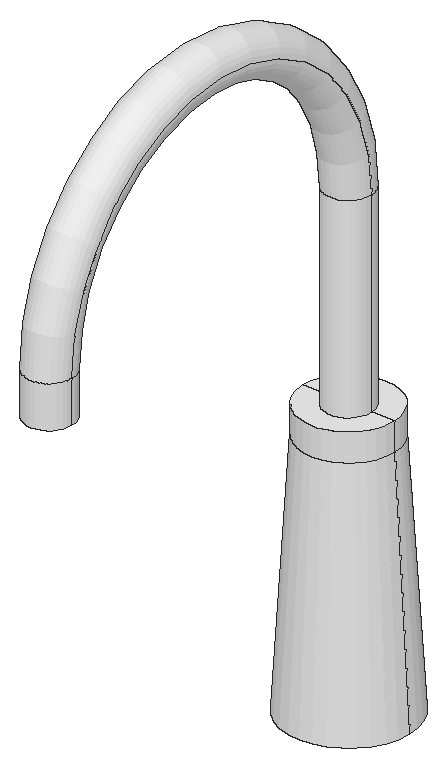
Revit family
Parameters (values of type "6056.164.002")
  Waste Connection = no
  Vent Connection = no
  URL = "http://www.americanstandard-us.com"
  Revised Date = "23/05/2012"
  Product URL = "http://americanstandard.ca/pdf/specSheets/6055163_152.pdf"
  Phone # = "416-250-5656"
  Model = "6056.164.002"
  Material = Chrome Plated
  Manufacturer = "American Standard"
  HW Connection = yes
  Designed By = "ATS BIM Team"
  Description = "6056.164 0.35 GPM pressure compensating, vandal-resistant, non-aerated spray. Plain spout end. Includes AC power supply (M950169-0070A). Faucet is factory set for 7.5 second running time to deliver 0.044 gallons per cycle."
  Default Elevation = 0"
  CW Connection = yes
  Assembly Code = ""
Reference planes (in)
  plane 1 "Center (Front/Back)": y = 0
  plane 2: z = 0
  plane 3 "Center (Left/Right)": x = 0
  plane 4: y = 1
  plane 5: y = -1
  plane 6: x = -1
  plane 7: x = 1
  plane 8: z = 5
  plane 9: z = 7
  plane 10: x = 6.125
  plane 11: z = 11.125
  plane 12: y = -6.125
Forms (in)
  Blend 1, solid, material "Chrome Plated" <- "Material"
    base sketch origin (0, 0, 0) x (-1, 0, 0) y (0, -1, 0)
      loop
        circle (0, 0) r 1
    top sketch origin (0, 0, 0) x (-1, 0, 0) y (0, -1, 0)
      loop
        circle (0, 0) r 0.75
    from 0 to 4.04448
  Revolve 2, solid, material "Chrome Plated" <- "Material"
    sketch origin (0, 0, -0.95552) x (-1, 0, 0) y (0, 0, 1)
      loop
        line (-0.75, 5) -> (0, 5) -> (0, 5.45552) -> (-0.75, 5.45552) -> (-0.75, 5)
      axis (0, 5) -> (0, 5.45552)
    angle from 0 to 360
  Sweep 3, solid, material "Chrome Plated" <- "Material"
    path origin (0, 0, 0) x (0, -1, 0) y (0, 0, 1)
      loop
        line (6.125, 7) -> (6.125, 7.6875)
        arc (6.125, 7.6875) -> (3.0625, 10.75) -> (0, 7.6875) r 3.0625
        line (0, 7.6875) -> (0, 4.5)
    profile origin (0, -3.0625, 10.75) x (0, 0, -1) y (-1, 0, 0)
      loop
        circle (0, 0) r 0.375
Cuts and joins
  joined: Blend 1, Revolve 2, Sweep 3
Dimensions and locks (in)
  plane 9 to level = 7"  (x3)
  plane 10 to plane 3 "Center (Left/Right)" = 6 1/8"
  plane 11 to level = 11 1/8"  (x2)
  plane 12 to plane 1 "Center (Front/Back)" = 6 1/8"
  plane 1 "Center (Front/Back)" to plane 12 = 6 1/8"
